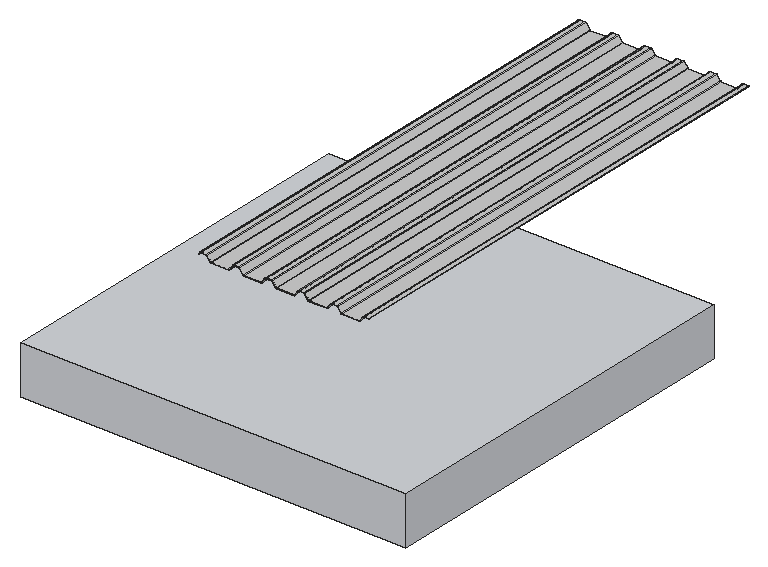
Revit family "Trapézový plech CB 35_207", category Obecné modely, Revit 2016
Family settings
  Hostitel = Plocha
  Typ součásti = Normální
  Může být hostitelem pro výztuž = Ne
  Kóta kulaté spojky = Použít průměr
  Ořezat dutým tvarem při načtení = Ne
  Sdílené = Ne
  Bod výpočtu místnosti = Ne
Parameters
  Šířka prvku - ořezání [instance] = 1080 mm
  Šířka [instance] = 1035 mm  # constant formula
  Výrobce = "CB profil a. s."  # constant formula
  Default Elevation = 0 mm
  URL = "https://www.cbprofil.cz/vyrobni-program/trapezove-plechy-vyroba-cb/"
  Třída oceli [instance] = Třída oceli : S 320 GD
  Tloušťka [instance] = 1 mm
  Pozitivní [instance] = not(Negativní)  # no
  Popis = "CB 35/207"
  Negativní [instance] = yes
  F2 barva [instance] = Pozink
  F1 barva [instance] = Pozink
  Délka [instance] = 3000 mm
  CB FLIS [instance] = no
Reference planes
  plane 1 "Střed (vpředu/vzadu)": y = 0
  plane 2: z = 0
  plane 3 "Střed (vlevo/vpravo)": x = 0
  plane 4 "trapézový plech": z = 0
  plane 5 "oříznutí": x = -1080
  plane 6: x = -1219.2
  plane 7: x = -1035
  plane 8: z = 37
Forms (mm)
  Extrusion 1, solid
    sketch origin (0, 0, 0) x (1, 0, 0) y (0, 1, 0)
      loop
        line (-1219.2, 1219.2) -> (-1219.2, -1219.2) -> (1219.2, -1219.2) -> (1219.2, 1219.2) -> (-1219.2, 1219.2)
    from 0 to -304.8
  Sweep 2, solid, material "Pozink" <- "F2 barva", visible <- "Pozitivní"
    path origin (0, 0, 0) x (-1, 0, 0) y (0, -1, 0)
      loop
        line (0, 0) -> (0, -3000)
    profile "CB 35_207 : CB 35_207" origin (0, 1500, 0) x (-1, 0, 0) y (0, 0, 1)
      loop
        line (1061.734, 9.211) -> (1060.917, 9.788) -> (1056.806, 3.963)
        arc (1056.806, 3.963) -> (1054.308, 1.785) -> (1051.087, 1) r 7
        line (1051.087, 1) -> (1034.973, 1) -> (1018.86, 1)
        arc (1018.86, 1) -> (1015.639, 1.785) -> (1013.141, 3.963) r 7
        line (1013.141, 3.963) -> (992.917, 32.613)
        arc (992.917, 32.613) -> (990.062, 35.103) -> (986.381, 36) r 8
        line (986.381, 36) -> (876.565, 36)
        arc (876.565, 36) -> (872.885, 35.103) -> (870.03, 32.613) r 8
        line (870.03, 32.613) -> (849.806, 3.963)
        arc (849.806, 3.963) -> (847.308, 1.785) -> (844.087, 1) r 7
        line (844.087, 1) -> (827.973, 1) -> (811.86, 1)
        arc (811.86, 1) -> (808.639, 1.785) -> (806.141, 3.963) r 7
        line (806.141, 3.963) -> (785.917, 32.613)
        arc (785.917, 32.613) -> (783.062, 35.103) -> (779.381, 36) r 8
        line (779.381, 36) -> (669.565, 36)
        arc (669.565, 36) -> (665.885, 35.103) -> (663.03, 32.613) r 8
        line (663.03, 32.613) -> (642.806, 3.963)
        arc (642.806, 3.963) -> (640.308, 1.785) -> (637.087, 1) r 7
        line (637.087, 1) -> (620.973, 1) -> (604.86, 1)
        arc (604.86, 1) -> (601.639, 1.785) -> (599.141, 3.963) r 7
        line (599.141, 3.963) -> (578.917, 32.613)
        arc (578.917, 32.613) -> (576.062, 35.103) -> (572.381, 36) r 8
        line (572.381, 36) -> (462.565, 36)
        arc (462.565, 36) -> (458.885, 35.103) -> (456.03, 32.613) r 8
        line (456.03, 32.613) -> (435.806, 3.963)
        arc (435.806, 3.963) -> (433.308, 1.785) -> (430.087, 1) r 7
        line (430.087, 1) -> (413.973, 1) -> (397.86, 1)
        arc (397.86, 1) -> (394.639, 1.785) -> (392.141, 3.963) r 7
        line (392.141, 3.963) -> (371.917, 32.613)
        arc (371.917, 32.613) -> (369.062, 35.103) -> (365.381, 36) r 8
        line (365.381, 36) -> (255.565, 36)
        arc (255.565, 36) -> (251.885, 35.103) -> (249.03, 32.613) r 8
        line (249.03, 32.613) -> (228.806, 3.963)
        arc (228.806, 3.963) -> (226.308, 1.785) -> (223.087, 1) r 7
        line (223.087, 1) -> (206.973, 1) -> (190.86, 1)
        arc (190.86, 1) -> (187.639, 1.785) -> (185.141, 3.963) r 7
        line (185.141, 3.963) -> (164.917, 32.613)
        arc (164.917, 32.613) -> (162.062, 35.103) -> (158.381, 36) r 8
        line (158.381, 36) -> (48.565, 36)
        arc (48.565, 36) -> (44.885, 35.103) -> (42.03, 32.613) r 8
        line (42.03, 32.613) -> (21.806, 3.963)
        arc (21.806, 3.963) -> (19.308, 1.785) -> (16.087, 1) r 7
        line (16.087, 1) -> (-0.027, 1) -> (-15.3, 1) -> (-15.3, 0) -> (-0.027, 0) -> (16.087, 0)
        arc (16.087, 0) -> (19.768, 0.897) -> (22.623, 3.387) r 8
        line (22.623, 3.387) -> (42.847, 32.037)
        arc (42.847, 32.037) -> (45.345, 34.215) -> (48.565, 35) r 7
        line (48.565, 35) -> (158.381, 35)
        arc (158.381, 35) -> (161.602, 34.215) -> (164.1, 32.037) r 7
        line (164.1, 32.037) -> (184.324, 3.387)
        arc (184.324, 3.387) -> (187.179, 0.897) -> (190.86, 0) r 8
        line (190.86, 0) -> (206.973, 0) -> (223.087, 0)
        arc (223.087, 0) -> (226.768, 0.897) -> (229.623, 3.387) r 8
        line (229.623, 3.387) -> (249.847, 32.037)
        arc (249.847, 32.037) -> (252.345, 34.215) -> (255.565, 35) r 7
        line (255.565, 35) -> (365.381, 35)
        arc (365.381, 35) -> (368.602, 34.215) -> (371.1, 32.037) r 7
        line (371.1, 32.037) -> (391.324, 3.387)
        arc (391.324, 3.387) -> (394.179, 0.897) -> (397.86, 0) r 8
        line (397.86, 0) -> (413.973, 0) -> (430.087, 0)
        arc (430.087, 0) -> (433.768, 0.897) -> (436.623, 3.387) r 8
        line (436.623, 3.387) -> (456.847, 32.037)
        arc (456.847, 32.037) -> (459.345, 34.215) -> (462.565, 35) r 7
        line (462.565, 35) -> (572.381, 35)
        arc (572.381, 35) -> (575.602, 34.215) -> (578.1, 32.037) r 7
        line (578.1, 32.037) -> (598.324, 3.387)
        arc (598.324, 3.387) -> (601.179, 0.897) -> (604.86, 0) r 8
        line (604.86, 0) -> (620.973, 0) -> (637.087, 0)
        arc (637.087, 0) -> (640.768, 0.897) -> (643.623, 3.387) r 8
        line (643.623, 3.387) -> (663.847, 32.037)
        arc (663.847, 32.037) -> (666.345, 34.215) -> (669.565, 35) r 7
        line (669.565, 35) -> (779.381, 35)
        arc (779.381, 35) -> (782.602, 34.215) -> (785.1, 32.037) r 7
        line (785.1, 32.037) -> (805.324, 3.387)
        arc (805.324, 3.387) -> (808.179, 0.897) -> (811.86, 0) r 8
        line (811.86, 0) -> (827.973, 0) -> (844.087, 0)
        arc (844.087, 0) -> (847.768, 0.897) -> (850.623, 3.387) r 8
        line (850.623, 3.387) -> (870.847, 32.037)
        arc (870.847, 32.037) -> (873.345, 34.215) -> (876.565, 35) r 7
        line (876.565, 35) -> (986.381, 35)
        arc (986.381, 35) -> (989.602, 34.215) -> (992.1, 32.037) r 7
        line (992.1, 32.037) -> (1012.324, 3.387)
        arc (1012.324, 3.387) -> (1015.179, 0.897) -> (1018.86, 0) r 8
        line (1018.86, 0) -> (1034.973, 0) -> (1051.087, 0)
        arc (1051.087, 0) -> (1054.768, 0.897) -> (1057.623, 3.387) r 8
        line (1057.623, 3.387) -> (1061.734, 9.211)
  Extrusion 3, void
    sketch origin (0, 0, 0) x (1, 0, 0) y (0, 0, 1)
      loop
        line (-1219.2, 0) -> (-1080, 0) -> (-1080, 37) -> (-1219.2, 37) -> (-1219.2, 0)
    from 0 to -3000
  Sweep 4, solid, material "Pozink" <- "F2 barva", visible <- "Negativní"
    path origin (0, 0, 0) x (-1, 0, 0) y (0, -1, 0)
      loop
        line (0, 0) -> (0, -3000)
    profile "CB 35_207_neg : CB 35_207_neg" origin (0, 1500, 0) x (-1, 0, 0) y (0, 0, 1)
      loop
        line (-0.027, 35) -> (16.087, 35)
        arc (16.087, 35) -> (19.308, 34.215) -> (21.806, 32.037) r 7
        line (21.806, 32.037) -> (42.03, 3.387)
        arc (42.03, 3.387) -> (44.885, 0.897) -> (48.565, 0) r 8
        line (48.565, 0) -> (158.381, 0)
        arc (158.381, 0) -> (162.062, 0.897) -> (164.917, 3.387) r 8
        line (164.917, 3.387) -> (185.141, 32.037)
        arc (185.141, 32.037) -> (187.639, 34.215) -> (190.86, 35) r 7
        line (190.86, 35) -> (206.973, 35) -> (223.087, 35)
        arc (223.087, 35) -> (226.308, 34.215) -> (228.806, 32.037) r 7
        line (228.806, 32.037) -> (249.03, 3.387)
        arc (249.03, 3.387) -> (251.885, 0.897) -> (255.565, 0) r 8
        line (255.565, 0) -> (365.381, 0)
        arc (365.381, 0) -> (369.062, 0.897) -> (371.917, 3.387) r 8
        line (371.917, 3.387) -> (392.141, 32.037)
        arc (392.141, 32.037) -> (394.639, 34.215) -> (397.86, 35) r 7
        line (397.86, 35) -> (413.973, 35) -> (430.087, 35)
        arc (430.087, 35) -> (433.308, 34.215) -> (435.806, 32.037) r 7
        line (435.806, 32.037) -> (456.03, 3.387)
        arc (456.03, 3.387) -> (458.885, 0.897) -> (462.565, 0) r 8
        line (462.565, 0) -> (572.381, 0)
        arc (572.381, 0) -> (576.062, 0.897) -> (578.917, 3.387) r 8
        line (578.917, 3.387) -> (599.141, 32.037)
        arc (599.141, 32.037) -> (601.639, 34.215) -> (604.86, 35) r 7
        line (604.86, 35) -> (620.973, 35) -> (637.087, 35)
        arc (637.087, 35) -> (640.308, 34.215) -> (642.806, 32.037) r 7
        line (642.806, 32.037) -> (663.03, 3.387)
        arc (663.03, 3.387) -> (665.885, 0.897) -> (669.565, 0) r 8
        line (669.565, 0) -> (779.381, 0)
        arc (779.381, 0) -> (783.062, 0.897) -> (785.917, 3.387) r 8
        line (785.917, 3.387) -> (806.141, 32.037)
        arc (806.141, 32.037) -> (808.639, 34.215) -> (811.86, 35) r 7
        line (811.86, 35) -> (827.973, 35) -> (844.087, 35)
        arc (844.087, 35) -> (847.308, 34.215) -> (849.806, 32.037) r 7
        line (849.806, 32.037) -> (870.03, 3.387)
        arc (870.03, 3.387) -> (872.885, 0.897) -> (876.565, 0) r 8
        line (876.565, 0) -> (986.381, 0)
        arc (986.381, 0) -> (990.062, 0.897) -> (992.917, 3.387) r 8
        line (992.917, 3.387) -> (1013.141, 32.037)
        arc (1013.141, 32.037) -> (1015.639, 34.215) -> (1018.86, 35) r 7
        line (1018.86, 35) -> (1034.973, 35) -> (1051.087, 35)
        arc (1051.087, 35) -> (1054.308, 34.215) -> (1056.806, 32.037) r 7
        line (1056.806, 32.037) -> (1060.917, 26.212) -> (1061.734, 26.789) -> (1057.623, 32.613)
        arc (1057.623, 32.613) -> (1054.768, 35.103) -> (1051.087, 36) r 8
        line (1051.087, 36) -> (1034.973, 36) -> (1018.86, 36)
        arc (1018.86, 36) -> (1015.179, 35.103) -> (1012.324, 32.613) r 8
        line (1012.324, 32.613) -> (992.1, 3.963)
        arc (992.1, 3.963) -> (989.602, 1.785) -> (986.381, 1) r 7
        line (986.381, 1) -> (876.565, 1)
        arc (876.565, 1) -> (873.345, 1.785) -> (870.847, 3.963) r 7
        line (870.847, 3.963) -> (850.623, 32.613)
        arc (850.623, 32.613) -> (847.768, 35.103) -> (844.087, 36) r 8
        line (844.087, 36) -> (827.973, 36) -> (811.86, 36)
        arc (811.86, 36) -> (808.179, 35.103) -> (805.324, 32.613) r 8
        line (805.324, 32.613) -> (785.1, 3.963)
        arc (785.1, 3.963) -> (782.602, 1.785) -> (779.381, 1) r 7
        line (779.381, 1) -> (669.565, 1)
        arc (669.565, 1) -> (666.345, 1.785) -> (663.847, 3.963) r 7
        line (663.847, 3.963) -> (643.623, 32.613)
        arc (643.623, 32.613) -> (640.768, 35.103) -> (637.087, 36) r 8
        line (637.087, 36) -> (620.973, 36) -> (604.86, 36)
        arc (604.86, 36) -> (601.179, 35.103) -> (598.324, 32.613) r 8
        line (598.324, 32.613) -> (578.1, 3.963)
        arc (578.1, 3.963) -> (575.602, 1.785) -> (572.381, 1) r 7
        line (572.381, 1) -> (462.565, 1)
        arc (462.565, 1) -> (459.345, 1.785) -> (456.847, 3.963) r 7
        line (456.847, 3.963) -> (436.623, 32.613)
        arc (436.623, 32.613) -> (433.768, 35.103) -> (430.087, 36) r 8
        line (430.087, 36) -> (413.973, 36) -> (397.86, 36)
        arc (397.86, 36) -> (394.179, 35.103) -> (391.324, 32.613) r 8
        line (391.324, 32.613) -> (371.1, 3.963)
        arc (371.1, 3.963) -> (368.602, 1.785) -> (365.381, 1) r 7
        line (365.381, 1) -> (255.565, 1)
        arc (255.565, 1) -> (252.345, 1.785) -> (249.847, 3.963) r 7
        line (249.847, 3.963) -> (229.623, 32.613)
        arc (229.623, 32.613) -> (226.768, 35.103) -> (223.087, 36) r 8
        line (223.087, 36) -> (206.973, 36) -> (190.86, 36)
        arc (190.86, 36) -> (187.179, 35.103) -> (184.324, 32.613) r 8
        line (184.324, 32.613) -> (164.1, 3.963)
        arc (164.1, 3.963) -> (161.602, 1.785) -> (158.381, 1) r 7
        line (158.381, 1) -> (48.565, 1)
        arc (48.565, 1) -> (45.345, 1.785) -> (42.847, 3.963) r 7
        line (42.847, 3.963) -> (22.623, 32.613)
        arc (22.623, 32.613) -> (19.768, 35.103) -> (16.087, 36) r 8
        line (16.087, 36) -> (-0.027, 36) -> (-15.3, 36) -> (-15.3, 35) -> (-0.027, 35)
  Sweep 5, solid, material "Pozink" <- "F1 barva", visible <- "Pozitivní"
    path origin (0, 0, 0) x (-1, 0, 0) y (0, -1, 0)
      loop
        line (0, 0) -> (0, -3000)
    profile "CB 35_207_F1 : CB 35_207_F1" origin (0, 1500, 0) x (-1, 0, 0) y (0, 0, 1)
      loop
        line (1060.917, 9.788) -> (1060.1, 10.364) -> (1055.989, 4.54)
        arc (1055.989, 4.54) -> (1053.848, 2.673) -> (1051.087, 2) r 6
        line (1051.087, 2) -> (1034.973, 2) -> (1018.86, 2)
        arc (1018.86, 2) -> (1016.099, 2.673) -> (1013.958, 4.54) r 6
        line (1013.958, 4.54) -> (993.734, 33.19)
        arc (993.734, 33.19) -> (990.522, 35.991) -> (986.381, 37) r 9
        line (986.381, 37) -> (876.565, 37)
        arc (876.565, 37) -> (872.425, 35.991) -> (869.213, 33.19) r 9
        line (869.213, 33.19) -> (848.989, 4.54)
        arc (848.989, 4.54) -> (846.848, 2.673) -> (844.087, 2) r 6
        line (844.087, 2) -> (827.973, 2) -> (811.86, 2)
        arc (811.86, 2) -> (809.099, 2.673) -> (806.958, 4.54) r 6
        line (806.958, 4.54) -> (786.734, 33.19)
        arc (786.734, 33.19) -> (783.522, 35.991) -> (779.381, 37) r 9
        line (779.381, 37) -> (669.565, 37)
        arc (669.565, 37) -> (665.425, 35.991) -> (662.213, 33.19) r 9
        line (662.213, 33.19) -> (641.989, 4.54)
        arc (641.989, 4.54) -> (639.848, 2.673) -> (637.087, 2) r 6
        line (637.087, 2) -> (620.973, 2) -> (604.86, 2)
        arc (604.86, 2) -> (602.099, 2.673) -> (599.958, 4.54) r 6
        line (599.958, 4.54) -> (579.734, 33.19)
        arc (579.734, 33.19) -> (576.522, 35.991) -> (572.381, 37) r 9
        line (572.381, 37) -> (462.565, 37)
        arc (462.565, 37) -> (458.425, 35.991) -> (455.213, 33.19) r 9
        line (455.213, 33.19) -> (434.989, 4.54)
        arc (434.989, 4.54) -> (432.848, 2.673) -> (430.087, 2) r 6
        line (430.087, 2) -> (413.973, 2) -> (397.86, 2)
        arc (397.86, 2) -> (395.099, 2.673) -> (392.958, 4.54) r 6
        line (392.958, 4.54) -> (372.734, 33.19)
        arc (372.734, 33.19) -> (369.522, 35.991) -> (365.381, 37) r 9
        line (365.381, 37) -> (255.565, 37)
        arc (255.565, 37) -> (251.425, 35.991) -> (248.213, 33.19) r 9
        line (248.213, 33.19) -> (227.989, 4.54)
        arc (227.989, 4.54) -> (225.848, 2.673) -> (223.087, 2) r 6
        line (223.087, 2) -> (206.973, 2) -> (190.86, 2)
        arc (190.86, 2) -> (188.099, 2.673) -> (185.958, 4.54) r 6
        line (185.958, 4.54) -> (165.734, 33.19)
        arc (165.734, 33.19) -> (162.522, 35.991) -> (158.381, 37) r 9
        line (158.381, 37) -> (48.565, 37)
        arc (48.565, 37) -> (44.425, 35.991) -> (41.213, 33.19) r 9
        line (41.213, 33.19) -> (20.989, 4.54)
        arc (20.989, 4.54) -> (18.848, 2.673) -> (16.087, 2) r 6
        line (16.087, 2) -> (-0.027, 2) -> (-15.3, 2) -> (-15.3, 1) -> (-0.027, 1) -> (16.087, 1)
        arc (16.087, 1) -> (19.308, 1.785) -> (21.806, 3.963) r 7
        line (21.806, 3.963) -> (42.03, 32.613)
        arc (42.03, 32.613) -> (44.885, 35.103) -> (48.565, 36) r 8
        line (48.565, 36) -> (158.381, 36)
        arc (158.381, 36) -> (162.062, 35.103) -> (164.917, 32.613) r 8
        line (164.917, 32.613) -> (185.141, 3.963)
        arc (185.141, 3.963) -> (187.639, 1.785) -> (190.86, 1) r 7
        line (190.86, 1) -> (206.973, 1) -> (223.087, 1)
        arc (223.087, 1) -> (226.308, 1.785) -> (228.806, 3.963) r 7
        line (228.806, 3.963) -> (249.03, 32.613)
        arc (249.03, 32.613) -> (251.885, 35.103) -> (255.565, 36) r 8
        line (255.565, 36) -> (365.381, 36)
        arc (365.381, 36) -> (369.062, 35.103) -> (371.917, 32.613) r 8
        line (371.917, 32.613) -> (392.141, 3.963)
        arc (392.141, 3.963) -> (394.639, 1.785) -> (397.86, 1) r 7
        line (397.86, 1) -> (413.973, 1) -> (430.087, 1)
        arc (430.087, 1) -> (433.308, 1.785) -> (435.806, 3.963) r 7
        line (435.806, 3.963) -> (456.03, 32.613)
        arc (456.03, 32.613) -> (458.885, 35.103) -> (462.565, 36) r 8
        line (462.565, 36) -> (572.381, 36)
        arc (572.381, 36) -> (576.062, 35.103) -> (578.917, 32.613) r 8
        line (578.917, 32.613) -> (599.141, 3.963)
        arc (599.141, 3.963) -> (601.639, 1.785) -> (604.86, 1) r 7
        line (604.86, 1) -> (620.973, 1) -> (637.087, 1)
        arc (637.087, 1) -> (640.308, 1.785) -> (642.806, 3.963) r 7
        line (642.806, 3.963) -> (663.03, 32.613)
        arc (663.03, 32.613) -> (665.885, 35.103) -> (669.565, 36) r 8
        line (669.565, 36) -> (779.381, 36)
        arc (779.381, 36) -> (783.062, 35.103) -> (785.917, 32.613) r 8
        line (785.917, 32.613) -> (806.141, 3.963)
        arc (806.141, 3.963) -> (808.639, 1.785) -> (811.86, 1) r 7
        line (811.86, 1) -> (827.973, 1) -> (844.087, 1)
        arc (844.087, 1) -> (847.308, 1.785) -> (849.806, 3.963) r 7
        line (849.806, 3.963) -> (870.03, 32.613)
        arc (870.03, 32.613) -> (872.885, 35.103) -> (876.565, 36) r 8
        line (876.565, 36) -> (986.381, 36)
        arc (986.381, 36) -> (990.062, 35.103) -> (992.917, 32.613) r 8
        line (992.917, 32.613) -> (1013.141, 3.963)
        arc (1013.141, 3.963) -> (1015.639, 1.785) -> (1018.86, 1) r 7
        line (1018.86, 1) -> (1034.973, 1) -> (1051.087, 1)
        arc (1051.087, 1) -> (1054.308, 1.785) -> (1056.806, 3.963) r 7
        line (1056.806, 3.963) -> (1060.917, 9.788)
  Sweep 6, solid, material "Pozink" <- "F1 barva", visible <- "Negativní"
    path origin (0, 0, 0) x (-1, 0, 0) y (0, -1, 0)
      loop
        line (0, 0) -> (0, -3000)
    profile "CB 35_207_neg_F1 : CB 35_207_neg_F1" origin (0, 1500, 0) x (-1, 0, 0) y (0, 0, 1)
      loop
        line (1061.734, 26.789) -> (1062.551, 27.366) -> (1058.44, 33.19)
        arc (1058.44, 33.19) -> (1055.228, 35.991) -> (1051.087, 37) r 9
        line (1051.087, 37) -> (1034.973, 37) -> (1018.86, 37)
        arc (1018.86, 37) -> (1014.719, 35.991) -> (1011.507, 33.19) r 9
        line (1011.507, 33.19) -> (991.283, 4.54)
        arc (991.283, 4.54) -> (989.142, 2.673) -> (986.381, 2) r 6
        line (986.381, 2) -> (876.565, 2)
        arc (876.565, 2) -> (873.805, 2.673) -> (871.664, 4.54) r 6
        line (871.664, 4.54) -> (851.44, 33.19)
        arc (851.44, 33.19) -> (848.228, 35.991) -> (844.087, 37) r 9
        line (844.087, 37) -> (827.973, 37) -> (811.86, 37)
        arc (811.86, 37) -> (807.719, 35.991) -> (804.507, 33.19) r 9
        line (804.507, 33.19) -> (784.283, 4.54)
        arc (784.283, 4.54) -> (782.142, 2.673) -> (779.381, 2) r 6
        line (779.381, 2) -> (669.565, 2)
        arc (669.565, 2) -> (666.805, 2.673) -> (664.664, 4.54) r 6
        line (664.664, 4.54) -> (644.44, 33.19)
        arc (644.44, 33.19) -> (641.228, 35.991) -> (637.087, 37) r 9
        line (637.087, 37) -> (620.973, 37) -> (604.86, 37)
        arc (604.86, 37) -> (600.719, 35.991) -> (597.507, 33.19) r 9
        line (597.507, 33.19) -> (577.283, 4.54)
        arc (577.283, 4.54) -> (575.142, 2.673) -> (572.381, 2) r 6
        line (572.381, 2) -> (462.565, 2)
        arc (462.565, 2) -> (459.805, 2.673) -> (457.664, 4.54) r 6
        line (457.664, 4.54) -> (437.44, 33.19)
        arc (437.44, 33.19) -> (434.228, 35.991) -> (430.087, 37) r 9
        line (430.087, 37) -> (413.973, 37) -> (397.86, 37)
        arc (397.86, 37) -> (393.719, 35.991) -> (390.507, 33.19) r 9
        line (390.507, 33.19) -> (370.283, 4.54)
        arc (370.283, 4.54) -> (368.142, 2.673) -> (365.381, 2) r 6
        line (365.381, 2) -> (255.565, 2)
        arc (255.565, 2) -> (252.805, 2.673) -> (250.664, 4.54) r 6
        line (250.664, 4.54) -> (230.44, 33.19)
        arc (230.44, 33.19) -> (227.228, 35.991) -> (223.087, 37) r 9
        line (223.087, 37) -> (206.973, 37) -> (190.86, 37)
        arc (190.86, 37) -> (186.719, 35.991) -> (183.507, 33.19) r 9
        line (183.507, 33.19) -> (163.283, 4.54)
        arc (163.283, 4.54) -> (161.142, 2.673) -> (158.381, 2) r 6
        line (158.381, 2) -> (48.565, 2)
        arc (48.565, 2) -> (45.805, 2.673) -> (43.664, 4.54) r 6
        line (43.664, 4.54) -> (23.44, 33.19)
        arc (23.44, 33.19) -> (20.228, 35.991) -> (16.087, 37) r 9
        line (16.087, 37) -> (-0.027, 37) -> (-15.3, 37) -> (-15.3, 36) -> (-0.027, 36) -> (16.087, 36)
        arc (16.087, 36) -> (19.768, 35.103) -> (22.623, 32.613) r 8
        line (22.623, 32.613) -> (42.847, 3.963)
        arc (42.847, 3.963) -> (45.345, 1.785) -> (48.565, 1) r 7
        line (48.565, 1) -> (158.381, 1)
        arc (158.381, 1) -> (161.602, 1.785) -> (164.1, 3.963) r 7
        line (164.1, 3.963) -> (184.324, 32.613)
        arc (184.324, 32.613) -> (187.179, 35.103) -> (190.86, 36) r 8
        line (190.86, 36) -> (206.973, 36) -> (223.087, 36)
        arc (223.087, 36) -> (226.768, 35.103) -> (229.623, 32.613) r 8
        line (229.623, 32.613) -> (249.847, 3.963)
        arc (249.847, 3.963) -> (252.345, 1.785) -> (255.565, 1) r 7
        line (255.565, 1) -> (365.381, 1)
        arc (365.381, 1) -> (368.602, 1.785) -> (371.1, 3.963) r 7
        line (371.1, 3.963) -> (391.324, 32.613)
        arc (391.324, 32.613) -> (394.179, 35.103) -> (397.86, 36) r 8
        line (397.86, 36) -> (413.973, 36) -> (430.087, 36)
        arc (430.087, 36) -> (433.768, 35.103) -> (436.623, 32.613) r 8
        line (436.623, 32.613) -> (456.847, 3.963)
        arc (456.847, 3.963) -> (459.345, 1.785) -> (462.565, 1) r 7
        line (462.565, 1) -> (572.381, 1)
        arc (572.381, 1) -> (575.602, 1.785) -> (578.1, 3.963) r 7
        line (578.1, 3.963) -> (598.324, 32.613)
        arc (598.324, 32.613) -> (601.179, 35.103) -> (604.86, 36) r 8
        line (604.86, 36) -> (620.973, 36) -> (637.087, 36)
        arc (637.087, 36) -> (640.768, 35.103) -> (643.623, 32.613) r 8
        line (643.623, 32.613) -> (663.847, 3.963)
        arc (663.847, 3.963) -> (666.345, 1.785) -> (669.565, 1) r 7
        line (669.565, 1) -> (779.381, 1)
        arc (779.381, 1) -> (782.602, 1.785) -> (785.1, 3.963) r 7
        line (785.1, 3.963) -> (805.324, 32.613)
        arc (805.324, 32.613) -> (808.179, 35.103) -> (811.86, 36) r 8
        line (811.86, 36) -> (827.973, 36) -> (844.087, 36)
        arc (844.087, 36) -> (847.768, 35.103) -> (850.623, 32.613) r 8
        line (850.623, 32.613) -> (870.847, 3.963)
        arc (870.847, 3.963) -> (873.345, 1.785) -> (876.565, 1) r 7
        line (876.565, 1) -> (986.381, 1)
        arc (986.381, 1) -> (989.602, 1.785) -> (992.1, 3.963) r 7
        line (992.1, 3.963) -> (1012.324, 32.613)
        arc (1012.324, 32.613) -> (1015.179, 35.103) -> (1018.86, 36) r 8
        line (1018.86, 36) -> (1034.973, 36) -> (1051.087, 36)
        arc (1051.087, 36) -> (1054.768, 35.103) -> (1057.623, 32.613) r 8
        line (1057.623, 32.613) -> (1061.734, 26.789)
Cuts and joins
  Extrusion 3 cuts Sweep 2
  Extrusion 3 cuts Sweep 4
  Extrusion 3 cuts Sweep 5
  Extrusion 3 cuts Sweep 6
Dimensions and locks
  "Délka": Sweep 2 sketch curve to Sweep 2 sketch curve
  "Šířka prvku - ořezání": plane 5 "oříznutí" to plane 3 "Střed (vlevo/vpravo)"
  "Délka": Sweep 4 sketch curve to Sweep 4 sketch curve
  "Délka": Sweep 5 sketch curve to Sweep 5 sketch curve
  "Délka": Sweep 6 sketch curve to Sweep 6 sketch curve
  plane 3 "Střed (vlevo/vpravo)" to plane 7 = 1035 mm
  aligned and locked: plane 2 to Extrusion 1
  aligned and locked: level to Extrusion 1
  aligned and locked: Extrusion 3 to plane 5 "oříznutí"
  aligned and locked: Extrusion 3 to plane 6
  aligned and locked: Sweep 2 to Extrusion 3
  aligned and locked: Extrusion 3 to Sweep 2
  aligned and locked: Extrusion 3 to plane 8
Automatic sketch dimensions
  Extrusion 1 sketch curve to Extrusion 1 sketch curve = 2438.4 mm  (x2)
  Extrusion 3 sketch curve to plane 6 = 0 mm
  Extrusion 3 sketch curve to plane 5 "oříznutí" = 0 mm
  Extrusion 3 sketch curve to level = 0 mm
  Extrusion 3 sketch curve to Extrusion 3 sketch curve = 37 mm
  Sweep 2 sketch curve to plane 3 "Střed (vlevo/vpravo)" = 0 mm
  plane 1 "Střed (vpředu/vzadu)" to Sweep 2 sketch curve = 0 mm
  Sweep 4 sketch curve to plane 3 "Střed (vlevo/vpravo)" = 0 mm
  plane 1 "Střed (vpředu/vzadu)" to Sweep 4 sketch curve = 0 mm
  Sweep 5 sketch curve to plane 3 "Střed (vlevo/vpravo)" = 0 mm
  plane 1 "Střed (vpředu/vzadu)" to Sweep 5 sketch curve = 0 mm
  Sweep 6 sketch curve to plane 3 "Střed (vlevo/vpravo)" = 0 mm
  plane 1 "Střed (vpředu/vzadu)" to Sweep 6 sketch curve = 0 mm
